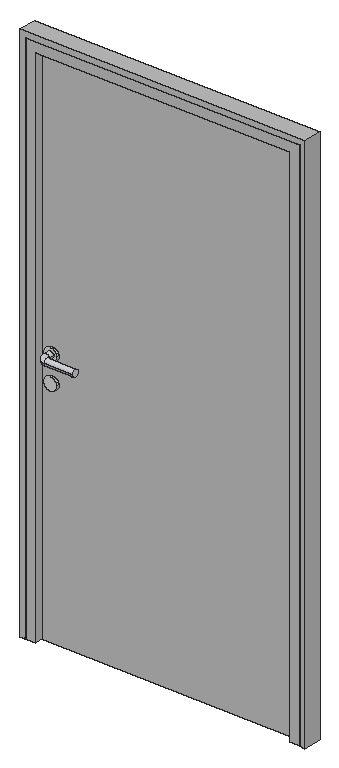
Revit family "BRU_Дверь_Однопольная_Стальная_Тех", category Двери, Revit 2021
Family settings
  Основа = Стена
  Номер OmniClass = 23.30.10.00
  Заголовок OmniClass = Doors
  Всегда вертикально = Да
  При загрузке вырезать с полостями = Нет
  Общий = Нет
  Точка принадлежности помещению = Нет
Parameters (values of type "ДСВ-О-Н-EI30 1100х2100(h) Л")
  Четверть сверху.Размер [instance] = 30 mm
  Четверть сверху [instance] = if([Четверть (есть/нет)], Четверть сверху.Размер, 0 mm)  # 0 mm
  Четверть сбоку [instance] = if([Четверть (есть/нет)], Четверти сбоку.Размер, 0 mm)  # 0 mm
  Четверть (есть/нет) [instance] = no
  Четверти сбоку.Размер [instance] = 30 mm
  Угол в плане 30 [instance] = yes
  Тип полотна двери = Полотно : Глухое
  Ручка двери = none
  Рама двери.Ширина справа = 80 mm
  Рама двери.Ширина слева = 80 mm
  Рама двери.Ширина внизу = 80 mm
  Рама двери.Ширина вверху = 80 mm
  Полотно.Толщина = 40 mm
  Полотно двери. Высота = Height - Коробка.Ширина  # 2050 mm
  Площадь [instance] = Rough Width * Rough Height  # 2.453 m²
  Откосы.Ширина [instance] = 530 mm
  Define Thermal Properties by = 1
  Fire Rating = ""
  О_Обозначение = ""
  О_Наименование = ""
  Наличник.Ширина [instance] = 60 mm
  Наличник.Толщина [instance] = 10 mm
  Наличник снаружи (есть/нет) [instance] = no
  Наличник внутри (есть/нет) [instance] = no
  Монтажный зазор снизу.Толщина [instance] = 130 mm
  Монтажный зазор сверху.Толщина = 20 mm
  Монтажный зазор сбоку.Толщина = 20 mm
  Коробка.Ширина = 30 mm
  Коробка.Толщина = 70 mm
  Type Comments = ""
  Защитное ограждение (есть/нет) = no
  Глубина выреза проема наружу [instance] = 200 mm
  Глубина выреза проема внутрь [instance] = 200 mm
  Глубина вставки двери [instance] = 0 mm
  Аналитическая конструкция = "<Нет>"
  Правая = no
  Полотно двери = none
  Остекление двери = none
  Левая = not(Правая)  # yes
  Огибание наружных слоев [instance] = 0 mm
  Width = 1060 mm
  Rough Width [instance] = Width + Монтажный зазор сбоку.Толщина * 2  # 1100 mm
  Rough Height [instance] = Height + Монтажный зазор сверху.Толщина + Монтажный зазор снизу.Толщина  # 2230 mm
  Группа модели = "Дверь глухая с порогом"
  Manufacturer = ""
  Wall Closure = (empty or 0)
  Height = 2080 mm
  Описание = "Дверь деревянная внутренняя глухая"
  Тип конструкций = "Дверь деревянная"
  BRU_ДверьТип = "BRU_Дверь_Однопольная_Стальная_Техническая_Противопожарная"
  ADSK_Этаж [instance] = ""
  ADSK_Толщина стены [instance] = 0 mm
  ADSK_Примечание [instance] = ""
  ADSK_Предел огнестойкости = "EI30"
  ADSK_Позиция [instance] = ""
  ADSK_Открывание = if(Правая, "Правая", "Левая")  # "Левая"
  ADSK_Обозначение = "ГОСТ 6629-88"  # constant formula
  ADSK_Наименование краткое = ""
  ADSK_Наименование = "ДСВ-О-Н-EI30 1100х2100(h)"
  ADSK_Масса_Текст = ""
  ADSK_Количество [instance] = 0
  ADSK_Код изделия = ""
  ADSK_Зона [instance] = ""
  ADSK_Завод-изготовитель = ""
  ADSK_Единица измерения = ""
  ADSK_Группирование [instance] = ""
  ADSK_URL страницы изделия = ""
  ADSK_URL документации изделия = ""
Types (4, lengths in mm): name | Полотно двери. Высота | Площадь | Правая | Левая | Width | Rough Width | Rough Height | Height | ADSK_Предел огнестойкости | ADSK_Открывание | ADSK_Наименование
  ДСВ-О-Н-EI30 1100х2100(h) Л | 2050 | 2.453 m² | no | yes | 1060 | 1100 | 2230 | 2080 | "EI30" | "Левая" | "ДСВ-О-Н-EI30 1100х2100(h)"
  ДСВ-О-Н-EI30 1100х2100(h) Пр | 2070 | 2.565 m² | yes | no | 1100 | 1140 | 2250 | 2100 | "EI30" | "Правая" | "ДСВ-О-Н-EI30 1100х2100(h)"
  ДСВ-О-Н-EI30 850х2100(h) Л | 2050 | 1.8509 m² | no | yes | 790 | 830 | 2230 | 2080 | "EI30" | "Левая" | "ДСВ-О-Н-EI30 1100х2100(h)"
  ДСВ-О-Н-EI60 1100х2100(h) Пр | 2050 | 2.453 m² | yes | no | 1060 | 1100 | 2230 | 2080 | "EI60" | "Правая" | "ДСВ-О-Н-EI60 1100х2100(h)"
Reference planes
  plane 1: y = 0
  plane 2 "По центру (Влево/Вправо)": x = 0
  plane 3 "Слева": x = -550
  plane 4 "Справа": x = 550
  plane 5: z = 2230
  plane 6 "Наружный": y = 300
  plane 7 "Внутренние": y = -300
  plane 8 "Вставка двери": y = 300
  plane 9 "Четверть слева": x = -550
  plane 10 "Четверть справа": x = 550
  plane 11 "Четверть сверху": z = 2230
  plane 12 "Полотно двери": y = 260
  plane 13 "Рама внутри": y = 230
  plane 14 "Монтажный зазор слева": x = -530
  plane 15 "Монтажный зазор справа": x = 530
  plane 16 "Монтажный зазор сверху": z = 2210
  plane 17 "Глубина огибания наружного слоя": y = 300
  plane 18: y = 310
  plane 19: x = 540
  plane 20: y = -310
  plane 21: x = -540
  plane 22: y = 500
  plane 23: y = -500
  plane 24 "2": z = 130
Forms (mm)
  Extrusion 1, void
    sketch origin (0, 0, 0) x (1, 0, 0) y (0, 1, 0)
      loop
        line (550, 300) -> (-550, 300) -> (-550, -500) -> (550, -500) -> (550, 300)
    from 0 to 2230
  Extrusion 2, void
    sketch origin (0, 0, 0) x (1, 0, 0) y (0, 1, 0)
      loop
        line (550, 500) -> (-550, 500) -> (-550, 300) -> (550, 300) -> (550, 500)
    from 0 to 2230
  Sweep 3, solid, material <- "Полотно двери", visible <- "Наличник снаружи (есть/нет)", detail levels fine
    path origin (0, 300, 0) x (1, 0, 0) y (0, 0, 1)
      loop
        line (-550, 130) -> (-550, 2230) -> (550, 2230) -> (550, 130)
    profile origin (-550, 300, 1180) x (-1, 0, 0) y (0, -1, 0)
      loop
        line (-10, 0) -> (-10, -5)
        arc (-10, -5) -> (-8.536, -8.536) -> (-5, -10) r 5
        line (-5, -10) -> (45, -10)
        arc (45, -10) -> (48.536, -8.536) -> (50, -5) r 5
        line (50, -5) -> (50, 0) -> (-10, 0)
  Sweep 4, solid, material <- "Полотно двери", visible <- "Наличник внутри (есть/нет)", detail levels fine
    path origin (0, -300, 0) x (1, 0, 0) y (0, 0, 1)
      loop
        line (-550, 130) -> (-550, 2230) -> (550, 2230) -> (550, 130)
    profile origin (-550, -300, 1180) x (-1, 0, 0) y (0, -1, 0)
      loop
        line (-20, 0) -> (40, 0) -> (40, 5)
        arc (40, 5) -> (38.536, 8.536) -> (35, 10) r 5
        line (35, 10) -> (-15, 10)
        arc (-15, 10) -> (-18.536, 8.536) -> (-20, 5) r 5
        line (-20, 5) -> (-20, 0)
  Sweep 5, solid, material <- "Полотно двери"
    path origin (0, 300, 0) x (-1, 0, 0) y (0, 0, 1)
      loop
        line (530, 130) -> (530, 2210) -> (-530, 2210) -> (-530, 130)
    profile origin (530, 300, 1170) x (0, 1, 0) y (-1, 0, 0)
      loop
        line (0, 0) -> (0, 30) -> (-40, 30) -> (-40, 40) -> (-70, 40) -> (-70, 0) -> (0, 0)
  Sweep 6, solid, material <- "Полотно двери", visible <- "Наличник снаружи (есть/нет)", detail levels fine
    path origin (0, 300, 0) x (-1, 0, 0) y (0, 0, 1)
      loop
        line (550, 130) -> (550, 2230) -> (-550, 2230) -> (-550, 130)
    profile origin (550, 300, 1180) x (0, 1, 0) y (-1, 0, 0)
      loop
        line (5, 0) -> (5, 10) -> (0, 10) -> (0, 0) -> (5, 0)
  Extrusion 7, solid, material <- "Полотно двери"
    sketch origin (-2514.822, 300, 1200) x (-1, 0, 0) y (0, 0, 1)
      loop
        line (-3064.822, 1030) -> (-3064.822, -1070) -> (-3043.822, -1070) -> (-3043.822, 1009) -> (-1985.822, 1009) -> (-1985.822, -1070) -> (-1964.822, -1070) -> (-1964.822, 1030) -> (-3064.822, 1030)
    from 0 to -70
Cuts and joins
  joined: Sweep 3, Sweep 6
Lines and regions (mm)
  Masking region 1, detail levels fine
    outline origin (0, 0, 0) x (0, 1, 0) y (0, 0, 1)
      loop
        line (230, 2170) -> (260, 2170) -> (260, 2180) -> (300, 2180) -> (300, 2210) -> (230, 2210) -> (230, 2170)
  Masking region 2, detail levels fine
    outline origin (0, 0, 0) x (0, 1, 0) y (0, 0, 1)
      loop
        line (300, 130) -> (300, 2180) -> (260, 2180) -> (260, 130) -> (300, 130)
  Masking region 3, detail levels fine
    outline origin (0, 0, 0) x (0, 1, 0) y (0, 0, 1)
      loop
        line (230, 2170) -> (230, 130) -> (260, 130) -> (260, 2170) -> (230, 2170)
  Masking region 4, detail levels coarse+medium
    outline origin (0, 0, 0) x (0, 1, 0) y (0, 0, 1)
      loop
        line (300, 130) -> (300, 2230) -> (230, 2230) -> (230, 130) -> (300, 130)
Text (mm)
  text "Наружный" at (-2295.016, 1099.543, 0), in view "Опорный уровень "
  text "Наружный" at (0, 1615.38, 3698.081), in view "Слева"
  text "Наружный" at (0, 1036.032, 3874.932), in view "Справа"
Dimensions and locks
  equal spacing: plane 14 "Монтажный зазор слева", plane 2 "По центру (Влево/Вправо)", plane 15 "Монтажный зазор справа"
  "Width": plane 14 "Монтажный зазор слева" to plane 15 "Монтажный зазор справа"
  "Height": plane 16 "Монтажный зазор сверху" to plane 24 "2"
  host wall to plane 5 = 2230 mm  (x2)
  locked: plane 6 "Наружный" to host wall
  locked: plane 7 "Внутренние" to host wall
  "Четверть сбоку": plane 3 "Слева" to plane 9 "Четверть слева"
  "Четверть сбоку": plane 10 "Четверть справа" to plane 4 "Справа"
  "Глубина вставки двери": plane 6 "Наружный" to plane 8 "Вставка двери"
  "Наличник.Ширина": Sweep 3 sketch curve to plane 21
  "Коробка.Толщина": plane 8 "Вставка двери" to plane 13 "Рама внутри"
  "Полотно.Толщина": plane 8 "Вставка двери" to plane 12 "Полотно двери"
  "Огибание наружных слоев": plane 6 "Наружный" to plane 17 "Глубина огибания наружного слоя"
  "Наличник.Ширина": Sweep 4 sketch curve to Sweep 4 sketch curve
  locked: Sweep 4 sketch curve to Sweep 4 sketch curve at 5  (x4)
  locked: Sweep 3 sketch curve to Sweep 3 sketch curve at 5
  "Коробка.Ширина": Sweep 5 sketch curve to profile plane
  locked: Sweep 5 sketch curve to Sweep 5 sketch curve at 10
  "Наличник.Толщина": plane 7 "Внутренние" to plane 20
  "Наличник.Толщина": plane 18 to plane 6 "Наружный"
  "Наличник.Толщина": plane 9 "Четверть слева" to plane 21
  "Наличник.Толщина": plane 19 to plane 10 "Четверть справа"
  locked: plane 18 to Sweep 3 sketch curve at 5  (x2)
  locked: Sweep 3 sketch curve to plane 21 at 5
  locked: plane 18 to Sweep 6 sketch curve at 5
  "Откосы.Ширина": plane 7 "Внутренние" to plane 13 "Рама внутри"
  equal spacing: plane 3 "Слева", plane 2 "По центру (Влево/Вправо)", plane 4 "Справа"
  "Rough Width": plane 3 "Слева" to plane 4 "Справа"
  "Глубина выреза проема внутрь": plane 23 to plane 7 "Внутренние"
  "Глубина выреза проема наружу": plane 6 "Наружный" to plane 22
  locked: Extrusion 7 sketch curve to plane 15 "Монтажный зазор справа" at 1
  locked: Extrusion 7 sketch curve to plane 16 "Монтажный зазор сверху" at 1
  locked: plane 14 "Монтажный зазор слева" to Extrusion 7 sketch curve at 1
  "Монтажный зазор снизу.Толщина": level to plane 24 "2"
  "Монтажный зазор сверху.Толщина": plane 5 to plane 16 "Монтажный зазор сверху"
  "Четверть сверху": plane 5 to plane 11 "Четверть сверху"
  aligned and locked: plane 1 to host wall
  aligned and locked: plane 8 "Вставка двери" to Extrusion 1 sketch curve
  aligned and locked: plane 3 "Слева" to Extrusion 1 sketch curve
  aligned and locked: Extrusion 1 sketch curve to plane 4 "Справа"
  aligned and locked: Extrusion 1 to level
  aligned and locked: Extrusion 1 to plane 5
  aligned and locked: Extrusion 2 sketch curve to plane 8 "Вставка двери"
  aligned and locked: plane 10 "Четверть справа" to Extrusion 2 sketch curve
  aligned and locked: Extrusion 2 sketch curve to plane 9 "Четверть слева"
  aligned and locked: Extrusion 2 to level
  aligned and locked: plane 11 "Четверть сверху" to Extrusion 2
  aligned and locked: plane 9 "Четверть слева" to Sweep 3 sketch curve
  aligned and locked: plane 11 "Четверть сверху" to Sweep 3 sketch curve
  aligned and locked: plane 10 "Четверть справа" to Sweep 3 sketch curve
  aligned and locked: Sweep 4 sketch curve to plane 3 "Слева"
  aligned and locked: Sweep 4 sketch curve to plane 5
  aligned and locked: Sweep 4 sketch curve to plane 4 "Справа"
  aligned and locked: Sweep 4 sketch curve to plane 7 "Внутренние"
  aligned and locked: Sweep 5 sketch curve to plane 15 "Монтажный зазор справа"
  aligned and locked: Sweep 5 sketch curve to plane 16 "Монтажный зазор сверху"
  aligned and locked: Sweep 5 sketch curve to plane 14 "Монтажный зазор слева"
  aligned and locked: profile plane to Sweep 5 sketch curve
  aligned and locked: plane 13 "Рама внутри" to Sweep 5 sketch curve
  aligned and locked: plane 8 "Вставка двери" to Sweep 5 sketch curve
  aligned and locked: plane 12 "Полотно двери" to Sweep 5 sketch curve
  aligned and locked: plane 12 "Полотно двери" to nested 1
  aligned and locked: nested 1 to plane 8 "Вставка двери"
  aligned and locked: Sweep 5 to nested 1
  aligned and locked: nested 1 to Sweep 5  (x2)
  aligned and locked: plane 2 "По центру (Влево/Вправо)" to nested 2
  aligned and locked: nested 2 to plane 8 "Вставка двери"
  aligned and locked: plane 12 "Полотно двери" to nested 2
  aligned and locked: plane 13 "Рама внутри" to nested 2
  aligned and locked: plane 2 "По центру (Влево/Вправо)" to nested 3
  aligned and locked: plane 8 "Вставка двери" to nested 3
  aligned and locked: nested 3 to plane 12 "Полотно двери"
  aligned and locked: nested 3 to plane 13 "Рама внутри"
  aligned and locked: Sweep 4 sketch curve to plane 14 "Монтажный зазор слева"
  aligned and locked: profile plane to Sweep 3 sketch curve
  aligned and locked: Sweep 6 sketch curve to plane 11 "Четверть сверху"
  aligned and locked: plane 10 "Четверть справа" to Sweep 6 sketch curve  (x2)
  aligned and locked: plane 9 "Четверть слева" to Sweep 6 sketch curve
  aligned and locked: plane 8 "Вставка двери" to Sweep 6 sketch curve
  aligned and locked: plane 20 to Sweep 4 sketch curve
  aligned and locked: plane 18 to Sweep 3 sketch curve
  aligned and locked: Sweep 6 sketch curve to plane 19
  aligned and locked: Masking region 1 sketch curve to Sweep 5  (x2)
  aligned and locked: plane 12 "Полотно двери" to Masking region 1 sketch curve
  aligned and locked: plane 13 "Рама внутри" to Masking region 1 sketch curve
  aligned and locked: plane 8 "Вставка двери" to Masking region 1 sketch curve
  aligned and locked: plane 16 "Монтажный зазор сверху" to Masking region 1 sketch curve
  aligned and locked: plane 8 "Вставка двери" to Masking region 2 sketch curve
  aligned and locked: plane 12 "Полотно двери" to Masking region 2 sketch curve
  aligned and locked: Masking region 2 sketch curve to Sweep 5
  aligned and locked: Masking region 3 sketch curve to Sweep 5
  aligned and locked: plane 13 "Рама внутри" to Masking region 3 sketch curve
  aligned and locked: plane 12 "Полотно двери" to Masking region 3 sketch curve
  aligned and locked: plane 8 "Вставка двери" to Masking region 4 sketch curve
  aligned and locked: plane 13 "Рама внутри" to Masking region 4 sketch curve
  aligned and locked: plane 5 to Masking region 4 sketch curve
  aligned and locked: Extrusion 7 sketch curve to plane 4 "Справа"
  aligned and locked: Extrusion 7 sketch curve to plane 3 "Слева"
  aligned and locked: Extrusion 7 sketch curve to plane 5
  aligned and locked: Extrusion 7 to plane 13 "Рама внутри"
  aligned and locked: plane 8 "Вставка двери" to Extrusion 7
  aligned and locked: plane 22 to Extrusion 2 sketch curve
  aligned and locked: Extrusion 1 sketch curve to plane 23
  aligned and locked: plane 24 "2" to Sweep 5 sketch curve  (x2)
  aligned and locked: plane 24 "2" to Sweep 3 sketch curve  (x2)
  aligned and locked: plane 24 "2" to Sweep 6 sketch curve  (x2)
  aligned and locked: plane 24 "2" to Sweep 4 sketch curve  (x2)
  aligned and locked: Extrusion 7 sketch curve to plane 24 "2"
  aligned and locked: plane 24 "2" to Extrusion 7 sketch curve
  aligned and locked: Masking region 4 sketch curve to plane 24 "2"
  aligned and locked: Masking region 3 sketch curve to plane 24 "2"
  aligned and locked: Masking region 2 sketch curve to plane 24 "2"
Nested families
  nested 1: "Полотно" at (0, 300, 130), type <- "Тип полотна двери", Полотно двери.Высота <- "Полотно двери. Высота", type "Глухое"
    with Полотно двери.Ширина 1000 mm, Полотно двери.Толщина 40 mm, Полотно двери.Высота 2050 mm, Правая no, Левая yes
  nested 2: "Обозначение на плане" at (0, 300, 0), Ширина двери <- "Rough Width", visible <- "Правая", Монтажный зазор <- "Монтажный зазор сбоку.Толщина", Ширина коробки <- "Коробка.Ширина", Толщина полотна двери <- "Полотно.Толщина", Толщина коробки <- "Коробка.Толщина", type "По-умолчанию"
    with Ширина полотна двери 1000 mm, Ширина коробки 30 mm, Ширина двери 1100 mm, Толщина полотна двери 40 mm, Толщина коробки 70 mm, Монтажный зазор 20 mm
  nested 3: "Обозначение на плане" at (0, 300, 0) x (-1, 0, 0) z (0, 0, 1), Ширина двери <- "Rough Width", visible <- "Левая", Монтажный зазор <- "Монтажный зазор сбоку.Толщина", Ширина коробки <- "Коробка.Ширина", Толщина полотна двери <- "Полотно.Толщина", Толщина коробки <- "Коробка.Толщина", type "По-умолчанию"
    with Ширина полотна двери 1000 mm, Ширина коробки 30 mm, Ширина двери 1100 mm, Толщина полотна двери 40 mm, Толщина коробки 70 mm, Монтажный зазор 20 mm
Definition of nested family "Полотно"
  Parameters (values of type "Глухое")
    Ручка.Отступ от края = 50 mm
    Ручка.Высота расположения = 1000 mm
    Ручка двери = none
    Рама справа.Ширина = 150 mm
    Рама слева.Ширина = 150 mm
    Рама внизу.Ширина = 600 mm
    Рама вверху.Ширина = 150 mm
    Правая = yes
    Полотно остекленное = no
    Полотно двери.Ширина [instance] = 1000 mm
    Полотно двери.Толщина [instance] = 40 mm
    Полотно двери.Высота [instance] = 2100 mm
    Полотно двери = none
    Полотно глухое = yes
    Остекление двери = none
    Левая = not(Правая)  # no
    Защитные ограждения = no
    Analytic Construction = "<Нет>"
  Types (2, lengths in mm): name | Рама справа.Ширина | Рама слева.Ширина | Рама внизу.Ширина | Рама вверху.Ширина | Полотно остекленное | Полотно глухое
    Глухое | 150 | 150 | 600 | 150 | no | yes
    Остекленное | 80 | 80 | 80 | 80 | yes | no
  Reference planes
    plane 1 "Center (Front/Back)": y = 0
    plane 2: z = 0
    plane 3 "Center (Left/Right)": x = 0
    plane 4: x = -500
    plane 5: x = 500
    plane 6 "Back": y = -40
    plane 7: z = 2100
    plane 8 "Высота расположения ручки": z = 1000
    plane 9 "Отступ ручки справа": x = 450
    plane 10 "Отступ ручки слева": x = -450
    plane 11 "Остекление снаружи": y = -8
    plane 12 "Остекление внутри": y = -32
    plane 13 "Ширина рамы справа": x = -350
    plane 14 "Ширина рамы слева": x = 350
    plane 15 "Ширина рамы внизу": z = 600
    plane 16 "Ширина рамы вверху": z = 1950
    plane 17: z = 950
    plane 18: z = 800
    plane 19: z = 650
    plane 20: z = 1050
  Forms (mm)
    Extrusion 1, solid, material <- "Полотно двери", visible <- "Полотно глухое"
      sketch origin (0, 0, 0) x (1, 0, 0) y (0, 0, 1)
        loop
          line (-500, 2100) -> (-500, 0) -> (500, 0) -> (500, 2100) -> (-500, 2100)
      from 0 to 40 <- "Полотно двери.Толщина"
    Extrusion 2, solid, material <- "Полотно двери", visible <- "Полотно остекленное"
      sketch origin (0, 0, 0) x (1, 0, 0) y (0, 0, 1)
        loop
          line (-500, 2100) -> (-500, 0) -> (500, 0) -> (500, 2100) -> (-500, 2100)
        loop
          line (-350, 600) -> (350, 600) -> (350, 1950) -> (-350, 1950) -> (-350, 600)
      from 0 to 40
    Extrusion 3, solid, material <- "Остекление двери", visible <- "Полотно остекленное"
      sketch origin (-646.608, -8, 1200) x (-1, 0, 0) y (0, 0, 1)
        loop
          line (-296.608, 750) -> (-996.608, 750) -> (-996.608, -600) -> (-296.608, -600) -> (-296.608, 750)
      from 0 to -24
    Sweep 4, solid, material <- "Ручка двери", visible <- "Защитные ограждения", detail levels medium+fine
      path origin (-858.179, -1524, 950) x (-1, 0, 0) y (0, -1, 0)
        loop
          arc (-478.179, -1469) -> (-482.572, -1458.393) -> (-493.179, -1454) r 15
          line (-493.179, -1454) -> (-1223.179, -1454)
          arc (-1223.179, -1454) -> (-1233.785, -1458.393) -> (-1238.179, -1469) r 15
          line (-1238.179, -1469) -> (-1238.179, -1539)
          arc (-1238.179, -1539) -> (-1233.785, -1549.607) -> (-1223.179, -1554) r 15
          line (-1223.179, -1554) -> (-493.179, -1554)
          arc (-493.179, -1554) -> (-482.572, -1549.607) -> (-478.179, -1539) r 15
          line (-478.179, -1539) -> (-478.179, -1469)
      profile origin (-380, -20, 950) x (-1, 0, 0) y (0, 0, 1)
        loop
          circle (0, 0) r 10
    Sweep 5, solid, material <- "Ручка двери", visible <- "Защитные ограждения", detail levels medium+fine
      path origin (-858.179, -1524, 800) x (-1, 0, 0) y (0, -1, 0)
        loop
          arc (-478.179, -1469) -> (-482.572, -1458.393) -> (-493.179, -1454) r 15
          line (-493.179, -1454) -> (-1223.179, -1454)
          arc (-1223.179, -1454) -> (-1233.785, -1458.393) -> (-1238.179, -1469) r 15
          line (-1238.179, -1469) -> (-1238.179, -1539)
          arc (-1238.179, -1539) -> (-1233.785, -1549.607) -> (-1223.179, -1554) r 15
          line (-1223.179, -1554) -> (-493.179, -1554)
          arc (-493.179, -1554) -> (-482.572, -1549.607) -> (-478.179, -1539) r 15
          line (-478.179, -1539) -> (-478.179, -1469)
      profile origin (-380, -20, 800) x (-1, 0, 0) y (0, 0, 1)
        loop
          circle (0, 0) r 10
    Sweep 6, solid, material <- "Ручка двери", visible <- "Защитные ограждения", detail levels medium+fine
      path origin (-858.179, -1524, 650) x (-1, 0, 0) y (0, -1, 0)
        loop
          arc (-478.179, -1469) -> (-482.572, -1458.393) -> (-493.179, -1454) r 15
          line (-493.179, -1454) -> (-1223.179, -1454)
          arc (-1223.179, -1454) -> (-1233.785, -1458.393) -> (-1238.179, -1469) r 15
          line (-1238.179, -1469) -> (-1238.179, -1539)
          arc (-1238.179, -1539) -> (-1233.785, -1549.607) -> (-1223.179, -1554) r 15
          line (-1223.179, -1554) -> (-493.179, -1554)
          arc (-493.179, -1554) -> (-482.572, -1549.607) -> (-478.179, -1539) r 15
          line (-478.179, -1539) -> (-478.179, -1469)
      profile origin (-380, -20, 650) x (-1, 0, 0) y (0, 0, 1)
        loop
          circle (0, 0) r 10
  Lines and regions (mm)
    symbolic lines, visible <- "Правая", detail levels medium
      curve 1: line (-500, 0, 0) -> (500, 0, 1050)
      curve 2: line (500, 0, 1050) -> (-500, 0, 2100)
    symbolic lines, visible <- "Левая", detail levels medium
      curve 3: line (500, 0, 0) -> (-500, 0, 1050)
      curve 4: line (-500, 0, 1050) -> (500, 0, 2100)
  Dimensions and locks
    "Полотно двери.Толщина": plane 1 "Center (Front/Back)" to plane 6 "Back"
    equal spacing: plane 4, plane 3 "Center (Left/Right)", plane 5
    "Полотно двери.Ширина": plane 4 to plane 5
    "Полотно двери.Высота": plane 7 to plane 2
    "Ручка.Высота расположения": plane 8 "Высота расположения ручки" to level
    "Ручка.Отступ от края": plane 5 to plane 9 "Отступ ручки справа"
    "Ручка.Отступ от края": plane 10 "Отступ ручки слева" to plane 4
    locked: plane 12 "Остекление внутри" to plane 6 "Back" at 8
    locked: plane 1 "Center (Front/Back)" to plane 11 "Остекление снаружи" at 8
    "Рама вверху.Ширина": plane 7 to plane 16 "Ширина рамы вверху"
    "Рама внизу.Ширина": plane 15 "Ширина рамы внизу" to plane 2
    "Рама справа.Ширина": plane 5 to plane 14 "Ширина рамы слева"
    "Рама слева.Ширина": plane 13 "Ширина рамы справа" to plane 4
    locked: plane 17 to plane 2 at 950
    plane 17 to plane 18 to plane 19 = 150 mm locked, 150 mm locked
    locked: plane 1 "Center (Front/Back)" to Sweep 4 sketch curve at 30
    locked: Sweep 4 sketch curve to profile plane at 0
    locked: profile plane to Sweep 4 sketch curve at 0
    locked: Sweep 4 sketch curve to plane 6 "Back" at 30
    locked: Sweep 5 sketch curve to profile plane at 0
    locked: profile plane to Sweep 5 sketch curve at 0
    locked: Sweep 5 sketch curve to plane 6 "Back" at 30
    locked: plane 1 "Center (Front/Back)" to Sweep 5 sketch curve at 30
    locked: Sweep 6 sketch curve to profile plane at 0
    locked: profile plane to Sweep 6 sketch curve at 0
    locked: Sweep 6 sketch curve to plane 6 "Back" at 30
    locked: plane 1 "Center (Front/Back)" to Sweep 6 sketch curve at 30
    equal spacing: plane 7, plane 20, plane 2
    locked: Sweep 4 sketch curve to plane 13 "Ширина рамы справа" at 30
    locked: plane 14 "Ширина рамы слева" to Sweep 4 sketch curve at 30
    locked: plane 14 "Ширина рамы слева" to Sweep 5 sketch curve at 30
    locked: Sweep 5 sketch curve to plane 13 "Ширина рамы справа" at 30
    locked: Sweep 6 sketch curve to plane 13 "Ширина рамы справа" at 30
    locked: plane 14 "Ширина рамы слева" to Sweep 6 sketch curve at 30
    locked: Sweep 4 sketch curve to Sweep 4 sketch curve at 15  (x8)
    locked: Sweep 5 sketch curve to Sweep 5 sketch curve at 15  (x8)
    locked: Sweep 6 sketch curve to Sweep 6 sketch curve at 15  (x8)
    aligned and locked: level to plane 2
    aligned and locked: Extrusion 1 sketch curve to plane 7
    aligned and locked: plane 4 to Extrusion 1 sketch curve
    aligned and locked: plane 2 to Extrusion 1 sketch curve
    aligned and locked: Extrusion 1 sketch curve to plane 5
    aligned and locked: Extrusion 1 to plane 1 "Center (Front/Back)"
    aligned and locked: Extrusion 1 to plane 6 "Back"
    aligned and locked: nested 1 to plane 10 "Отступ ручки слева"
    aligned and locked: plane 1 "Center (Front/Back)" to nested 1
    aligned and locked: plane 6 "Back" to nested 1
    aligned and locked: plane 8 "Высота расположения ручки" to nested 1
    aligned and locked: nested 2 to plane 1 "Center (Front/Back)"
    aligned and locked: nested 2 to plane 6 "Back"
    aligned and locked: nested 2 to plane 9 "Отступ ручки справа"
    aligned and locked: nested 2 to plane 8 "Высота расположения ручки"
    aligned and locked: Extrusion 2 sketch curve to plane 4
    aligned and locked: Extrusion 2 sketch curve to plane 5
    aligned and locked: Extrusion 2 sketch curve to plane 7
    aligned and locked: Extrusion 2 sketch curve to plane 2
    aligned and locked: Extrusion 2 sketch curve to plane 15 "Ширина рамы внизу"
    aligned and locked: Extrusion 2 sketch curve to plane 13 "Ширина рамы справа"
    aligned and locked: Extrusion 2 sketch curve to plane 14 "Ширина рамы слева"
    aligned and locked: Extrusion 2 sketch curve to plane 16 "Ширина рамы вверху"
    aligned and locked: Extrusion 2 to plane 1 "Center (Front/Back)"
    aligned and locked: Extrusion 2 to plane 6 "Back"
    aligned and locked: plane 13 "Ширина рамы справа" to Extrusion 3 sketch curve
    aligned and locked: plane 14 "Ширина рамы слева" to Extrusion 3 sketch curve
    aligned and locked: plane 16 "Ширина рамы вверху" to Extrusion 3 sketch curve
    aligned and locked: plane 15 "Ширина рамы внизу" to Extrusion 3 sketch curve
    aligned and locked: Extrusion 3 to plane 11 "Остекление снаружи"
    aligned and locked: Extrusion 3 to plane 12 "Остекление внутри"
    aligned and locked: plane 4 to curve 1
    aligned and locked: plane 2 to curve 1
    aligned and locked: plane 5 to curve 2
    aligned and locked: plane 20 to curve 1
    aligned and locked: plane 7 to Extrusion 2
    aligned and locked: plane 4 to Extrusion 2
  Automatic sketch dimensions
    curve 3 to plane 4 = 0 mm
    curve 2 to plane 4 = 0 mm
    curve 3 to level = 0 mm
    curve 3 to plane 5 = 0 mm
    curve 4 to plane 5 = 0 mm
    curve 4 to plane 20 = 0 mm
    curve 4 to plane 7 = 0 mm
    curve 2 to plane 7 = 0 mm
    radius of Sweep 4 sketch curve = 10 mm
    radius of Sweep 5 sketch curve = 10 mm
    radius of Sweep 6 sketch curve = 10 mm
  Nested families
    nested 1: "Дверная ручка" at (-450, 0, 1000), visible <- "Левая", Полотно двери.Толщина <- "Полотно двери.Толщина", type "Дверная ручка", detail levels fine
      with Полотно двери.Толщина 40 mm
    nested 2: "Дверная ручка" at (450, 0, 1000) x (-1, 0, 0) z (0, 0, 1), visible <- "Правая", Полотно двери.Толщина <- "Полотно двери.Толщина", type "Дверная ручка", detail levels fine
      with Полотно двери.Толщина 40 mm
  Definition of nested family "Дверная ручка"
    Parameters (values of type "Дверная ручка")
      Полотно двери.Толщина [instance] = 40 mm
      Дверная ручка = none
      Analytic Construction = "<Нет>"
    Reference planes
      plane 1 "Center (Front/Back)": y = 0
      plane 2: z = 0
      plane 3 "Center (Left/Right)": x = 0
      plane 4: y = -40
      plane 5: z = -100
    Forms (mm)
      Sweep 1, solid, material <- "Дверная ручка", detail levels medium+fine
        path origin (0, 0, 0) x (1, 0, 0) y (0, 1, 0)
          loop
            line (130, 50) -> (20, 50)
            arc (20, 50) -> (5.858, 44.142) -> (0, 30) r 20
            line (0, 30) -> (0, -70)
            arc (0, -70) -> (5.858, -84.142) -> (20, -90) r 20
            line (20, -90) -> (130, -90)
        profile origin (0, -20, 0) x (1, 0, 0) y (0, 0, 1)
          loop
            circle (0, 0) r 12
      Extrusion 2, solid, material <- "Дверная ручка", detail levels medium+fine
        sketch origin (-2000, -40, 1200) x (-1, 0, 0) y (0, 0, 1)
          loop
            circle (-2000, -1200) r 25
        from 48 to -8
      Extrusion 3, solid, material <- "Дверная ручка", detail levels medium+fine
        sketch origin (-2000, -40, 1100) x (-1, 0, 0) y (0, 0, 1)
          loop
            circle (-2000, -1200) r 25
        from 48 to -8
    Cuts and joins
      joined: Sweep 1, Extrusion 2
    Dimensions and locks
      "Полотно двери.Толщина": plane 1 "Center (Front/Back)" to plane 4
      locked: Sweep 1 sketch curve to plane 4 at 50
      locked: plane 1 "Center (Front/Back)" to Sweep 1 sketch curve at 50
      locked: plane 4 to Sweep 1 sketch curve at 30
      locked: plane 1 "Center (Front/Back)" to Sweep 1 sketch curve at 30
      locked: plane 3 "Center (Left/Right)" to Sweep 1 sketch curve at 20  (x2)
      locked: plane 4 to Extrusion 2 at 8
      locked: Extrusion 3 sketch curve to plane 5 at 0
      locked: plane 3 "Center (Left/Right)" to Extrusion 3 sketch curve at 0
      locked: plane 1 "Center (Front/Back)" to cut or joined group of Sweep 1, Extrusion 2 at 8
      locked: Extrusion 3 to plane 1 "Center (Front/Back)" at 8
      aligned and locked: level to plane 2
      aligned and locked: Sweep 1 sketch curve to plane 3 "Center (Left/Right)"
    Automatic sketch dimensions
      Sweep 1 sketch curve to Sweep 1 sketch curve = 110 mm  (x2)
      Sweep 1 sketch curve to level = 0 mm
      profile plane to Sweep 1 sketch curve = 0 mm
      Extrusion 2 sketch curve to level = 0 mm
      Extrusion 2 sketch curve to plane 3 "Center (Left/Right)" = 0 mm
      radius of Sweep 1 sketch curve = 12 mm
      radius of Extrusion 2 sketch curve = 25 mm
      radius of Extrusion 3 sketch curve = 25 mm
Definition of nested family "Обозначение на плане"
  Parameters (values of type "По-умолчанию")
    Ширина полотна двери [instance] = Ширина двери - 60 mm - Монтажный зазор * 2  # 600 mm
    Ширина коробки [instance] = 30 mm
    Ширина двери [instance] = 700 mm
    Толщина полотна двери [instance] = 40 mm
    Толщина коробки [instance] = 80 mm
    Открывание двери.30° = yes
    Открывание двери.90° = not(Открывание двери.30°)  # no
    Монтажный зазор [instance] = 20 mm
    Линия открывания.Дуга = not(Открывание двери.30°)  # no
  Reference planes
    plane 1 "Center (Front/Back)": y = 0
    plane 2: z = 0
    plane 3 "Center (Left/Right)": x = 0
    plane 4: x = -350
    plane 5: x = 350
    plane 6 "Толщина коробки": y = -80
    plane 7 "Толщина полотна": y = -40
    plane 8: x = -330
    plane 9: x = 330
    plane 10: x = -300
    plane 11: x = 300
  Lines and regions (mm)
    Masking region 1, in view "Ref. Level", visible <- "Открывание двери.30°", detail levels fine
      outline origin (0, 0, 0) x (1, 0, 0) y (0, 1, 0)
        loop
          line (-300, 0) -> (-280, -34.641) -> (239.615, 265.359) -> (219.615, 300) -> (-300, 0)
    Masking region 2, in view "Ref. Level", visible <- "Открывание двери.90°", detail levels fine
      outline origin (0, 140, 0) x (1, 0, 0) y (0, 1, 0)
        loop
          line (-300, -140) -> (-260, -140) -> (-260, 460) -> (-300, 460) -> (-300, -140)
    Masking region 3, in view "Ref. Level", detail levels fine
      outline origin (0, 0, 0) x (1, 0, 0) y (0, 1, 0)
        loop
          line (-330, 0) -> (-350, 0) -> (-350, -80) -> (-330, -80) -> (-330, 0)
    Masking region 4, in view "Ref. Level", detail levels fine
      outline origin (0, 0, 0) x (1, 0, 0) y (0, 1, 0)
        loop
          line (-330, 0) -> (-330, -80) -> (-290, -80) -> (-290, -40) -> (-300, -40) -> (-300, 0) -> (-330, 0)
    Masking region 5, in view "Ref. Level", detail levels fine
      outline origin (0, 0, 0) x (1, 0, 0) y (0, 1, 0)
        loop
          line (330, 0) -> (330, -80) -> (350, -80) -> (350, 0) -> (330, 0)
    Masking region 6, in view "Ref. Level", detail levels fine
      outline origin (0, 0, 0) x (1, 0, 0) y (0, 1, 0)
        loop
          line (330, 0) -> (300, 0) -> (300, -40) -> (290, -40) -> (290, -80) -> (330, -80) -> (330, 0)
    Masking region 7, in view "Ref. Level", visible <- "Открывание двери.30°", detail levels fine
      outline origin (0, 140, 0) x (1, 0, 0) y (0, 1, 0)
        loop
          line (-300, -140) -> (-260, -140) -> (-260, 460) -> (-300, 460) -> (-300, -140)
    detail lines, in view "Ref. Level", visible <- "Открывание двери.90°", detail levels coarse+medium
      curve 1: line (-350, 0, 0) -> (-350, 700, 0)
    detail lines, in view "Ref. Level", visible <- "Линия открывания.Дуга", detail levels coarse+medium
      curve 2: arc (350, 0, 0) -> (144.975, 494.975, 0) -> (-350, 700, 0) r 700
    detail lines, in view "Ref. Level", visible <- "Открывание двери.30°", detail levels coarse+medium
      curve 3: line (-350, 0, 0) -> (256.218, 350, 0)
    detail lines, in view "Ref. Level", visible <- "Линия открывания.Дуга", detail levels fine
      curve 4: arc (300, 0, 0) -> (138.178, 409.878, 0) -> (-260, 598.665, 0) r 600
    detail lines, in view "Ref. Level", visible <- "Открывание двери.30°", detail levels fine
      curve 5: arc (300, 0, 0) -> (138.178, 409.878, 0) -> (-260, 598.665, 0) r 600
  Dimensions and locks
    equal spacing: plane 4, plane 3 "Center (Left/Right)", plane 5
    "Ширина двери": plane 4 to plane 5
    "Ширина двери": plane 1 "Center (Front/Back)" to curve 1
    "Ширина двери": curve 3 to curve 3
    "Толщина полотна двери": plane 1 "Center (Front/Back)" to plane 7 "Толщина полотна"
    "Толщина коробки": plane 1 "Center (Front/Back)" to plane 6 "Толщина коробки"
    "Монтажный зазор": plane 4 to plane 8
    "Монтажный зазор": plane 9 to plane 5
    "Ширина полотна двери": Masking region 1 sketch curve to Masking region 1 sketch curve
    "Ширина полотна двери": Masking region 2 sketch curve to Masking region 2 sketch curve
    "Толщина полотна двери": Masking region 2 sketch curve to Masking region 2 sketch curve
    "Ширина коробки": plane 8 to plane 10
    "Ширина коробки": plane 11 to plane 9
    locked: plane 10 to Masking region 4 sketch curve at 10
    locked: Masking region 6 sketch curve to plane 11 at 10
    "Ширина полотна двери": Masking region 7 sketch curve to Masking region 7 sketch curve
    "Толщина полотна двери": Masking region 7 sketch curve to Masking region 7 sketch curve
    "Ширина полотна двери": radius of curve 4
    "Ширина полотна двери": radius of curve 5
    locked: plane 1 "Center (Front/Back)" to curve 3 (angle 30.00°)
    locked: plane 1 "Center (Front/Back)" to Masking region 1 sketch curve (angle 30.00°)  (x2)
    aligned and locked: plane 1 "Center (Front/Back)" to curve 1
    aligned and locked: plane 1 "Center (Front/Back)" to curve 2
    aligned and locked: plane 4 to curve 3
    aligned and locked: plane 1 "Center (Front/Back)" to Masking region 1 sketch curve
    aligned and locked: Masking region 2 sketch curve to plane 1 "Center (Front/Back)"
    aligned and locked: Masking region 3 sketch curve to plane 8
    aligned and locked: Masking region 3 sketch curve to plane 4
    aligned and locked: Masking region 3 sketch curve to plane 6 "Толщина коробки"
    aligned and locked: Masking region 3 sketch curve to plane 1 "Center (Front/Back)"
    aligned and locked: Masking region 4 sketch curve to plane 8
    aligned and locked: Masking region 4 sketch curve to plane 10
    aligned and locked: Masking region 4 sketch curve to plane 6 "Толщина коробки"
    aligned and locked: Masking region 4 sketch curve to plane 7 "Толщина полотна"
    aligned and locked: Masking region 4 sketch curve to plane 1 "Center (Front/Back)"
    aligned and locked: plane 1 "Center (Front/Back)" to Masking region 5 sketch curve
    aligned and locked: plane 9 to Masking region 5 sketch curve
    aligned and locked: plane 6 "Толщина коробки" to Masking region 5 sketch curve
    aligned and locked: Masking region 5 sketch curve to plane 5
    aligned and locked: Masking region 6 sketch curve to plane 9
    aligned and locked: Masking region 6 sketch curve to plane 11
    aligned and locked: Masking region 6 sketch curve to plane 1 "Center (Front/Back)"
    aligned and locked: Masking region 6 sketch curve to plane 7 "Толщина полотна"
    aligned and locked: Masking region 6 sketch curve to plane 6 "Толщина коробки"
  Automatic sketch dimensions
    curve 4 to curve 5 = 0 mm  (x3)
    plane 1 "Center (Front/Back)" to curve 4 = 0 mm
    curve 4 to plane 10 = 0 mm
    plane 10 to curve 5 = 40 mm
    Masking region 1 sketch curve to plane 10 = 0 mm
    plane 7 "Толщина полотна" to Masking region 1 sketch curve = 5.359 mm
    Masking region 2 sketch curve to plane 10 = 0 mm
    Masking region 7 sketch curve to plane 10 = 0 mm
    plane 1 "Center (Front/Back)" to Masking region 7 sketch curve = 0 mm
